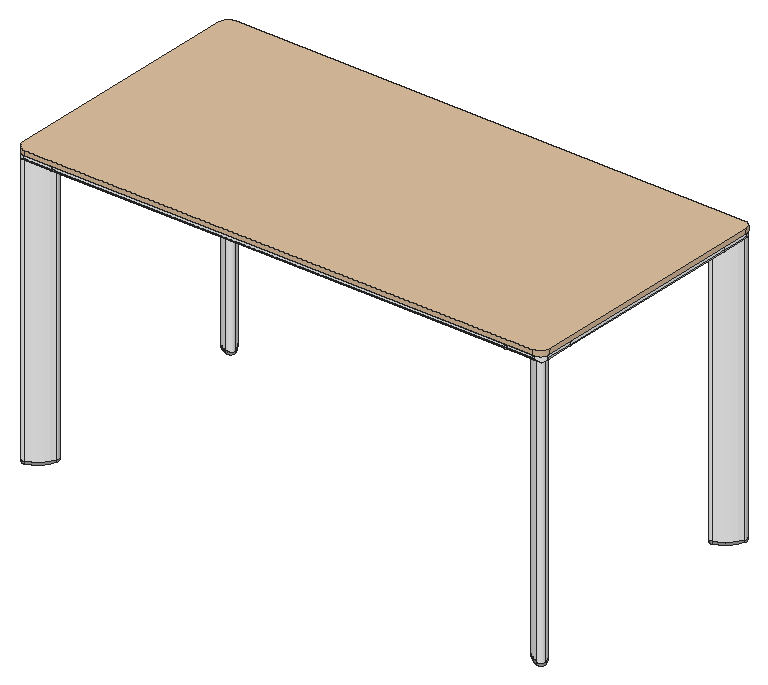
Revit family "FU_Table_Sandler_Laminar 0714", category Furniture, Revit 2020
Family settings
  OmniClass Number = 23.40.20.00
  OmniClass Title = General Furniture and Specialties
  Work Plane-Based = No
  Always vertical = Yes
  Cut with Voids When Loaded = No
  Shared = No
  Room Calculation Point = No
Parameters (values of type "Laminar 0714 (Dining Height)")
  Width = 1400 mm
  URL = "https://www.sandlerseating.com/product/laminar-0714/"
  Top [instance] = Wood - Oak - Natural - V
  Model = "Laminar 0714"
  Manufacturer = "Sandler"
  Height = 750 mm
  Frame [instance] = Lacquer - W1 - W01 White
  Description = "70cm x 140cm / 28″ x 55″ table on epoxy painted frame."
  Depth = 700 mm
  Default Elevation = 0 mm
Types (4, lengths in mm): name | Top | Height | Frame
  (no name) | Wood - Oak - Natural - V | 750 | Lacquer - W1 - W01 White
  Laminar 0714 (Dining Height) | Wood - Oak - Natural - V | 750 | Lacquer - W1 - W01 White
  Laminar 0714 (Counter Height) | Wood - Black Walnut | 900 | Epoxy - M2_V16
  Laminar 0714 (Bar Height) | HPL - Solid - White | 1050 | Epoxy - M1_B00 - Black
Reference planes
  plane 1 "Center (Front/Back)": y = 0
  plane 2: z = 0
  plane 3 "Center (Left/Right)": x = 0
  plane 4 "Right": x = -700
  plane 5 "Left": x = 700
  plane 6 "Back": y = 350
  plane 7 "Front": y = -350
  plane 8 "Height": z = 750
  plane 9 "Top Frame Base": z = 737
  plane 10 "Frame Edge Right TOP": x = -605
  plane 11 "Frame Edge Left TOP": x = 605
  plane 12 "Frame Edge Front TOP": y = -255
  plane 13 "Frame Edge Back TOP": y = 255
  plane 14 "Right Leg C TOP": x = -662.984
  plane 15 "Back Leg C TOP": y = 312.984
  plane 16 "Front Leg C TOP": y = -312.984
  plane 17 "Left C TOP": x = 662.984
  plane 18 "Glide Height": z = 6
  plane 19 "Frame Base FRONT": z = 696.108
Forms (mm)
  Extrusion 1, solid, material "Wood - Oak - Natural - V" <- "Top"
    sketch origin (0, 0, 750) x (-1, 0, 0) y (0, -1, 0)
      loop
        arc (675, -350) -> (692.678, -342.678) -> (700, -325) r 25
        line (700, -325) -> (700, 325)
        arc (700, 325) -> (692.678, 342.678) -> (675, 350) r 25
        line (675, 350) -> (-675, 350)
        arc (-675, 350) -> (-692.678, 342.678) -> (-700, 325) r 25
        line (-700, 325) -> (-700, -325)
        arc (-700, -325) -> (-692.678, -342.678) -> (-675, -350) r 25
        line (-675, -350) -> (675, -350)
    from 0 to -13
  Sweep 2, solid, material "Lacquer - W1 - W01 White" <- "Frame"
    path origin (0, 0, 737) x (-1, 0, 0) y (0, -1, 0)
      loop
        line (-605, 350) -> (605, 350)
    profile "Pro_Laminar_Frame : Pro_Laminar_Frame" origin (0, -350, 737) x (0, -1, 0) y (0, 0, 1)
      loop
        arc (-78.25, 0) -> (-78.959, -0.294) -> (-79.252, -1.003) r 1.003
        line (-79.252, -1.003) -> (-79.252, -40.038)
        arc (-79.252, -40.038) -> (-78.971, -40.718) -> (-78.29, -41) r 0.962
        line (-78.29, -41) -> (-56.47, -41)
        arc (-56.47, -41) -> (-49.536, -40.019) -> (-43.146, -37.154) r 25
        line (-43.146, -37.154) -> (-3.835, -12.393)
        arc (-3.835, -12.393) -> (-2.123, -10.579) -> (-1.5, -8.162) r 5
        line (-1.5, -8.162) -> (-1.5, -0.534)
        arc (-1.5, -0.534) -> (-1.656, -0.156) -> (-2.034, 0) r 0.534
        line (-2.034, 0) -> (-78.25, 0)
  Sweep 3, solid, material "Lacquer - W1 - W01 White" <- "Frame"
    path origin (0, 0, 737) x (-1, 0, 0) y (0, -1, 0)
      loop
        line (700, 255) -> (700, -255)
    profile "Pro_Laminar_Frame : Pro_Laminar_Frame" origin (-700, 0, 737) x (-1, 0, 0) y (0, 0, 1)
      loop
        arc (-78.25, 0) -> (-78.959, -0.294) -> (-79.252, -1.003) r 1.003
        line (-79.252, -1.003) -> (-79.252, -40.038)
        arc (-79.252, -40.038) -> (-78.971, -40.718) -> (-78.29, -41) r 0.962
        line (-78.29, -41) -> (-56.47, -41)
        arc (-56.47, -41) -> (-49.536, -40.019) -> (-43.146, -37.154) r 25
        line (-43.146, -37.154) -> (-3.835, -12.393)
        arc (-3.835, -12.393) -> (-2.123, -10.579) -> (-1.5, -8.162) r 5
        line (-1.5, -8.162) -> (-1.5, -0.534)
        arc (-1.5, -0.534) -> (-1.656, -0.156) -> (-2.034, 0) r 0.534
        line (-2.034, 0) -> (-78.25, 0)
  Sweep 4, solid, material "Lacquer - W1 - W01 White" <- "Frame"
    path origin (0, 0, 737) x (-1, 0, 0) y (0, -1, 0)
      loop
        line (605, -350) -> (-605, -350)
    profile "Pro_Laminar_Frame : Pro_Laminar_Frame" origin (0, 350, 737) x (0, 1, 0) y (0, 0, 1)
      loop
        arc (-78.25, 0) -> (-78.959, -0.294) -> (-79.252, -1.003) r 1.003
        line (-79.252, -1.003) -> (-79.252, -40.038)
        arc (-79.252, -40.038) -> (-78.971, -40.718) -> (-78.29, -41) r 0.962
        line (-78.29, -41) -> (-56.47, -41)
        arc (-56.47, -41) -> (-49.536, -40.019) -> (-43.146, -37.154) r 25
        line (-43.146, -37.154) -> (-3.835, -12.393)
        arc (-3.835, -12.393) -> (-2.123, -10.579) -> (-1.5, -8.162) r 5
        line (-1.5, -8.162) -> (-1.5, -0.534)
        arc (-1.5, -0.534) -> (-1.656, -0.156) -> (-2.034, 0) r 0.534
        line (-2.034, 0) -> (-78.25, 0)
  Sweep 5, solid, material "Lacquer - W1 - W01 White" <- "Frame"
    path origin (0, 0, 737) x (-1, 0, 0) y (0, -1, 0)
      loop
        line (-700, 255) -> (-700, -255)
    profile "Pro_Laminar_Frame : Pro_Laminar_Frame" origin (700, 0, 737) x (-1, 0, 0) y (0, 0, 1)
      loop
        line (78.25, 0) -> (2.034, 0)
        arc (2.034, 0) -> (1.656, -0.156) -> (1.5, -0.534) r 0.534
        line (1.5, -0.534) -> (1.5, -8.162)
        arc (1.5, -8.162) -> (2.123, -10.579) -> (3.835, -12.393) r 5
        line (3.835, -12.393) -> (43.146, -37.154)
        arc (43.146, -37.154) -> (49.536, -40.019) -> (56.47, -41) r 25
        line (56.47, -41) -> (78.29, -41)
        arc (78.29, -41) -> (78.971, -40.718) -> (79.252, -40.038) r 0.962
        line (79.252, -40.038) -> (79.252, -1.003)
        arc (79.252, -1.003) -> (78.959, -0.294) -> (78.25, 0) r 1.003
  Sweep 6, solid, material "Lacquer - W1 - W01 White" <- "Frame"
    path origin (0, 312.984, 0) x (1, 0, 0) y (0, 0, 1)
      loop
        line (-662.984, 6) -> (-662.984, 737)
    profile "Pro_Laminar_Leg : Pro_Laminar_Leg" origin (-662.984, 312.984, 371.5) x (-1, 0, 0) y (0, -1, 0)
      loop
        arc (-16.792, 30.86) -> (-28.302, 28.302) -> (-30.86, 16.792) r 10.982
        arc (-30.86, 16.792) -> (-12.33, -12.33) -> (16.792, -30.86) r 79.547
        arc (16.792, -30.86) -> (28.302, -28.302) -> (30.86, -16.792) r 10.982
        arc (30.86, -16.792) -> (12.33, 12.33) -> (-16.792, 30.86) r 79.547
  Sweep 7, solid, material "Lacquer - W1 - W01 White" <- "Frame"
    path origin (0, -312.984, 0) x (1, 0, 0) y (0, 0, 1)
      loop
        line (-662.984, 6) -> (-662.984, 737)
    profile "Pro_Laminar_Leg : Pro_Laminar_Leg" origin (-662.984, -312.984, 371.5) x (-1, 0, 0) y (0, -1, 0)
      loop
        arc (-30.86, -16.792) -> (-28.302, -28.302) -> (-16.792, -30.86) r 10.982
        arc (-16.792, -30.86) -> (12.33, -12.33) -> (30.86, 16.792) r 79.547
        arc (30.86, 16.792) -> (28.302, 28.302) -> (16.792, 30.86) r 10.982
        arc (16.792, 30.86) -> (-12.33, 12.33) -> (-30.86, -16.792) r 79.547
  Sweep 8, solid, material "Lacquer - W1 - W01 White" <- "Frame"
    path origin (0, -312.984, 0) x (1, 0, 0) y (0, 0, 1)
      loop
        line (662.984, 6) -> (662.984, 737)
    profile "Pro_Laminar_Leg : Pro_Laminar_Leg" origin (662.984, -312.984, 371.5) x (-1, 0, 0) y (0, -1, 0)
      loop
        arc (-16.792, 30.86) -> (-28.302, 28.302) -> (-30.86, 16.792) r 10.982
        arc (-30.86, 16.792) -> (-12.33, -12.33) -> (16.792, -30.86) r 79.547
        arc (16.792, -30.86) -> (28.302, -28.302) -> (30.86, -16.792) r 10.982
        arc (30.86, -16.792) -> (12.33, 12.33) -> (-16.792, 30.86) r 79.547
  Sweep 9, solid, material "Lacquer - W1 - W01 White" <- "Frame"
    path origin (0, 312.984, 0) x (1, 0, 0) y (0, 0, 1)
      loop
        line (662.984, 6) -> (662.984, 737)
    profile "Pro_Laminar_Leg : Pro_Laminar_Leg" origin (662.984, 312.984, 371.5) x (-1, 0, 0) y (0, -1, 0)
      loop
        arc (-30.86, -16.792) -> (-28.302, -28.302) -> (-16.792, -30.86) r 10.982
        arc (-16.792, -30.86) -> (12.33, -12.33) -> (30.86, 16.792) r 79.547
        arc (30.86, 16.792) -> (28.302, 28.302) -> (16.792, 30.86) r 10.982
        arc (16.792, 30.86) -> (-12.33, 12.33) -> (-30.86, -16.792) r 79.547
  Sweep 10, solid, material "Rubber, Black"
    path origin (0, 312.984, 0) x (1, 0, 0) y (0, 0, 1)
      loop
        line (662.984, 0) -> (662.984, 6)
    profile "Pro_Laminar_Leg : Pro_Laminar_Leg" origin (662.984, 312.984, 3) x (-1, 0, 0) y (0, -1, 0)
      loop
        arc (-30.86, -16.792) -> (-28.302, -28.302) -> (-16.792, -30.86) r 10.982
        arc (-16.792, -30.86) -> (12.33, -12.33) -> (30.86, 16.792) r 79.547
        arc (30.86, 16.792) -> (28.302, 28.302) -> (16.792, 30.86) r 10.982
        arc (16.792, 30.86) -> (-12.33, 12.33) -> (-30.86, -16.792) r 79.547
  Sweep 11, solid, material "Rubber, Black"
    path origin (0, 312.984, 0) x (1, 0, 0) y (0, 0, 1)
      loop
        line (-662.984, 0) -> (-662.984, 6)
    profile "Pro_Laminar_Leg : Pro_Laminar_Leg" origin (-662.984, 312.984, 3) x (-1, 0, 0) y (0, -1, 0)
      loop
        arc (-16.792, 30.86) -> (-28.302, 28.302) -> (-30.86, 16.792) r 10.982
        arc (-30.86, 16.792) -> (-12.33, -12.33) -> (16.792, -30.86) r 79.547
        arc (16.792, -30.86) -> (28.302, -28.302) -> (30.86, -16.792) r 10.982
        arc (30.86, -16.792) -> (12.33, 12.33) -> (-16.792, 30.86) r 79.547
  Sweep 12, solid, material "Rubber, Black"
    path origin (0, -312.984, 0) x (1, 0, 0) y (0, 0, 1)
      loop
        line (-662.984, 0) -> (-662.984, 6)
    profile "Pro_Laminar_Leg : Pro_Laminar_Leg" origin (-662.984, -312.984, 3) x (-1, 0, 0) y (0, -1, 0)
      loop
        arc (-30.86, -16.792) -> (-28.302, -28.302) -> (-16.792, -30.86) r 10.982
        arc (-16.792, -30.86) -> (12.33, -12.33) -> (30.86, 16.792) r 79.547
        arc (30.86, 16.792) -> (28.302, 28.302) -> (16.792, 30.86) r 10.982
        arc (16.792, 30.86) -> (-12.33, 12.33) -> (-30.86, -16.792) r 79.547
  Sweep 13, solid, material "Rubber, Black"
    path origin (0, -312.984, 0) x (1, 0, 0) y (0, 0, 1)
      loop
        line (662.984, 0) -> (662.984, 6)
    profile "Pro_Laminar_Leg : Pro_Laminar_Leg" origin (662.984, -312.984, 3) x (-1, 0, 0) y (0, -1, 0)
      loop
        arc (-16.792, 30.86) -> (-28.302, 28.302) -> (-30.86, 16.792) r 10.982
        arc (-30.86, 16.792) -> (-12.33, -12.33) -> (16.792, -30.86) r 79.547
        arc (16.792, -30.86) -> (28.302, -28.302) -> (30.86, -16.792) r 10.982
        arc (30.86, -16.792) -> (12.33, 12.33) -> (-16.792, 30.86) r 79.547
  Sweep 14, solid, material "Lacquer - W1 - W01 White" <- "Frame"
    path origin (0, 0, 737) x (-1, 0, 0) y (0, -1, 0)
      loop
        line (-605, 348.5) -> (-698.5, 348.5) -> (-698.5, 255)
    profile "Pro_Laminar_Frame : Pro_Laminar_Frame" origin (651.75, -348.5, 737) x (0, 1, 0) y (0, 0, 1)
      loop
        line (76.75, 0) -> (0.534, 0)
        arc (0.534, 0) -> (0.156, -0.156) -> (0, -0.534) r 0.534
        line (0, -0.534) -> (0, -8.162)
        arc (0, -8.162) -> (0.623, -10.579) -> (2.335, -12.393) r 5
        line (2.335, -12.393) -> (41.646, -37.154)
        arc (41.646, -37.154) -> (48.036, -40.019) -> (54.97, -41) r 25
        line (54.97, -41) -> (76.79, -41)
        arc (76.79, -41) -> (77.471, -40.718) -> (77.752, -40.038) r 0.962
        line (77.752, -40.038) -> (77.752, -1.003)
        arc (77.752, -1.003) -> (77.459, -0.294) -> (76.75, 0) r 1.003
  Extrusion 15, void
    sketch origin (0, 0, 737) x (-1, 0, 0) y (0, -1, 0)
      loop
        line (-674.12, 349.12) -> (-674.12, 364.12) -> (-714.12, 364.12) -> (-714.12, 324.12) -> (-699.12, 324.12)
        arc (-699.12, 324.12) -> (-691.798, 341.798) -> (-674.12, 349.12) r 25
    from -40.892 to 13
  Sweep 16, solid, material "Lacquer - W1 - W01 White" <- "Frame"
    path origin (0, 0, 737) x (1, 0, 0) y (0, -1, 0)
      loop
        line (-605, 348.5) -> (-698.5, 348.5) -> (-698.5, 255)
    profile "Pro_Laminar_Frame : Pro_Laminar_Frame" origin (-651.75, -348.5, 737) x (0, -1, 0) y (0, 0, 1)
      loop
        arc (-76.75, 0) -> (-77.459, -0.294) -> (-77.752, -1.003) r 1.003
        line (-77.752, -1.003) -> (-77.752, -40.038)
        arc (-77.752, -40.038) -> (-77.471, -40.718) -> (-76.79, -41) r 0.962
        line (-76.79, -41) -> (-54.97, -41)
        arc (-54.97, -41) -> (-48.036, -40.019) -> (-41.646, -37.154) r 25
        line (-41.646, -37.154) -> (-2.335, -12.393)
        arc (-2.335, -12.393) -> (-0.623, -10.579) -> (0, -8.162) r 5
        line (0, -8.162) -> (0, -0.534)
        arc (0, -0.534) -> (-0.156, -0.156) -> (-0.534, 0) r 0.534
        line (-0.534, 0) -> (-76.75, 0)
  Sweep 17, solid, material "Lacquer - W1 - W01 White" <- "Frame"
    path origin (0, 0, 737) x (1, 0, 0) y (0, 1, 0)
      loop
        line (-605, 348.5) -> (-698.5, 348.5) -> (-698.5, 255)
    profile "Pro_Laminar_Frame : Pro_Laminar_Frame" origin (-651.75, 348.5, 737) x (0, -1, 0) y (0, 0, 1)
      loop
        line (76.75, 0) -> (0.534, 0)
        arc (0.534, 0) -> (0.156, -0.156) -> (0, -0.534) r 0.534
        line (0, -0.534) -> (0, -8.162)
        arc (0, -8.162) -> (0.623, -10.579) -> (2.335, -12.393) r 5
        line (2.335, -12.393) -> (41.646, -37.154)
        arc (41.646, -37.154) -> (48.036, -40.019) -> (54.97, -41) r 25
        line (54.97, -41) -> (76.79, -41)
        arc (76.79, -41) -> (77.471, -40.718) -> (77.752, -40.038) r 0.962
        line (77.752, -40.038) -> (77.752, -1.003)
        arc (77.752, -1.003) -> (77.459, -0.294) -> (76.75, 0) r 1.003
  Sweep 18, solid, material "Lacquer - W1 - W01 White" <- "Frame"
    path origin (0, 0, 737) x (-1, 0, 0) y (0, 1, 0)
      loop
        line (-605, 348.5) -> (-698.5, 348.5) -> (-698.5, 255)
    profile "Pro_Laminar_Frame : Pro_Laminar_Frame" origin (651.75, 348.5, 737) x (0, 1, 0) y (0, 0, 1)
      loop
        arc (-76.75, 0) -> (-77.459, -0.294) -> (-77.752, -1.003) r 1.003
        line (-77.752, -1.003) -> (-77.752, -40.038)
        arc (-77.752, -40.038) -> (-77.471, -40.718) -> (-76.79, -41) r 0.962
        line (-76.79, -41) -> (-54.97, -41)
        arc (-54.97, -41) -> (-48.036, -40.019) -> (-41.646, -37.154) r 25
        line (-41.646, -37.154) -> (-2.335, -12.393)
        arc (-2.335, -12.393) -> (-0.623, -10.579) -> (0, -8.162) r 5
        line (0, -8.162) -> (0, -0.534)
        arc (0, -0.534) -> (-0.156, -0.156) -> (-0.534, 0) r 0.534
        line (-0.534, 0) -> (-76.75, 0)
  Extrusion 19, void
    sketch origin (0, 0, 737) x (1, 0, 0) y (0, 1, 0)
      loop
        arc (-674.12, -349.12) -> (-691.798, -341.798) -> (-699.12, -324.12) r 25
        line (-699.12, -324.12) -> (-714.12, -324.12) -> (-714.12, -364.12) -> (-674.12, -364.12) -> (-674.12, -349.12)
    from -40.892 to 13
  Extrusion 20, void
    sketch origin (0, 0, 737) x (1, 0, 0) y (0, 1, 0)
      loop
        line (-674.12, 349.12) -> (-674.12, 364.12) -> (-714.12, 364.12) -> (-714.12, 324.12) -> (-699.12, 324.12)
        arc (-699.12, 324.12) -> (-691.798, 341.798) -> (-674.12, 349.12) r 25
    from -40.892 to 13
  Extrusion 21, void
    sketch origin (0, 0, 737) x (-1, 0, 0) y (0, -1, 0)
      loop
        arc (-674.12, -349.12) -> (-691.798, -341.798) -> (-699.12, -324.12) r 25
        line (-699.12, -324.12) -> (-714.12, -324.12) -> (-714.12, -364.12) -> (-674.12, -364.12) -> (-674.12, -349.12)
    from -40.892 to 13
Cuts and joins
  Extrusion 20 cuts Sweep 17
  Extrusion 21 cuts Sweep 18
  Extrusion 15 cuts Sweep 14
  Extrusion 19 cuts Sweep 16
Dimensions and locks
  equal spacing: plane 4 "Right", plane 3 "Center (Left/Right)", plane 5 "Left"
  "Width": plane 4 "Right" to plane 5 "Left"
  equal spacing: plane 6 "Back", plane 1 "Center (Front/Back)", plane 7 "Front"
  "Depth": plane 6 "Back" to plane 7 "Front"
  "Height": plane 8 "Height" to level
  locked: plane 8 "Height" to plane 9 "Top Frame Base" at 13
  plane 4 "Right" to plane 14 "Right Leg C TOP" to plane 10 "Frame Edge Right TOP" = 37.016 mm locked, 57.984 mm locked
  plane 12 "Frame Edge Front TOP" to plane 16 "Front Leg C TOP" to plane 7 "Front" = 57.984 mm locked, 37.016 mm locked
  plane 6 "Back" to plane 15 "Back Leg C TOP" to plane 13 "Frame Edge Back TOP" = 37.016 mm locked, 57.984 mm locked
  plane 11 "Frame Edge Left TOP" to plane 17 "Left C TOP" to plane 5 "Left" = 57.984 mm locked, 37.016 mm locked
  locked: plane 18 "Glide Height" to plane 2 at 6
  aligned and locked: level to plane 2
  aligned and locked: plane 10 "Frame Edge Right TOP" to Sweep 2 sketch curve
  aligned and locked: plane 11 "Frame Edge Left TOP" to Sweep 2 sketch curve
  aligned and locked: plane 13 "Frame Edge Back TOP" to Sweep 3 sketch curve
  aligned and locked: plane 4 "Right" to Sweep 3 sketch curve
  aligned and locked: plane 10 "Frame Edge Right TOP" to Sweep 4 sketch curve
  aligned and locked: plane 11 "Frame Edge Left TOP" to Sweep 4 sketch curve
  aligned and locked: plane 13 "Frame Edge Back TOP" to Sweep 5 sketch curve
  aligned and locked: plane 12 "Frame Edge Front TOP" to Sweep 5 sketch curve
  aligned and locked: Extrusion 1 sketch curve to plane 4 "Right"
  aligned and locked: Extrusion 1 sketch curve to plane 6 "Back"
  aligned and locked: plane 7 "Front" to Extrusion 1 sketch curve
  aligned and locked: plane 5 "Left" to Extrusion 1 sketch curve
  aligned and locked: plane 9 "Top Frame Base" to Sweep 6 sketch curve
  aligned and locked: plane 18 "Glide Height" to Sweep 6 sketch curve
  aligned and locked: plane 9 "Top Frame Base" to Sweep 7 sketch curve
  aligned and locked: plane 18 "Glide Height" to Sweep 7 sketch curve
  aligned and locked: plane 9 "Top Frame Base" to Sweep 8 sketch curve
  aligned and locked: plane 18 "Glide Height" to Sweep 8 sketch curve
  aligned and locked: plane 9 "Top Frame Base" to Sweep 9 sketch curve
  aligned and locked: plane 18 "Glide Height" to Sweep 9 sketch curve
  aligned and locked: plane 18 "Glide Height" to Sweep 10 sketch curve
  aligned and locked: plane 2 to Sweep 10 sketch curve
  aligned and locked: plane 18 "Glide Height" to Sweep 11 sketch curve
  aligned and locked: plane 2 to Sweep 11 sketch curve
  aligned and locked: plane 2 to Sweep 12 sketch curve
  aligned and locked: plane 18 "Glide Height" to Sweep 12 sketch curve
  aligned and locked: plane 2 to Sweep 13 sketch curve
  aligned and locked: plane 18 "Glide Height" to Sweep 13 sketch curve
  aligned and locked: Extrusion 15 to plane 19 "Frame Base FRONT"
  aligned and locked: plane 8 "Height" to Extrusion 15
  aligned and locked: Sweep 18 to plane 11 "Frame Edge Left TOP"
  aligned and locked: Sweep 18 to plane 13 "Frame Edge Back TOP"
  aligned and locked: Sweep 14 to plane 12 "Frame Edge Front TOP"
  aligned and locked: Sweep 14 to plane 11 "Frame Edge Left TOP"
  aligned and locked: Sweep 16 to plane 10 "Frame Edge Right TOP"
  aligned and locked: Sweep 16 to plane 12 "Frame Edge Front TOP"
  aligned and locked: Sweep 17 to plane 13 "Frame Edge Back TOP"
  aligned and locked: Sweep 17 to plane 10 "Frame Edge Right TOP"
Automatic sketch dimensions
  Extrusion 1 sketch curve to plane 15 "Back Leg C TOP" = 12.016 mm
  Extrusion 1 sketch curve to plane 17 "Left C TOP" = 12.016 mm
  plane 14 "Right Leg C TOP" to Extrusion 1 sketch curve = 12.016 mm  (x2)
  Sweep 2 sketch curve to plane 7 "Front" = 0 mm
  plane 12 "Frame Edge Front TOP" to Sweep 3 sketch curve = 0 mm
  Sweep 4 sketch curve to plane 6 "Back" = 0 mm
  Sweep 5 sketch curve to plane 5 "Left" = 0 mm
  plane 14 "Right Leg C TOP" to Sweep 6 sketch curve = 0 mm
  plane 14 "Right Leg C TOP" to Sweep 7 sketch curve = 0 mm
  plane 17 "Left C TOP" to Sweep 8 sketch curve = 0 mm
  plane 17 "Left C TOP" to Sweep 9 sketch curve = 0 mm
  plane 17 "Left C TOP" to Sweep 10 sketch curve = 0 mm
  plane 14 "Right Leg C TOP" to Sweep 11 sketch curve = 0 mm
  plane 14 "Right Leg C TOP" to Sweep 12 sketch curve = 0 mm
  plane 17 "Left C TOP" to Sweep 13 sketch curve = 0 mm
  plane 12 "Frame Edge Front TOP" to Sweep 14 sketch curve = 0 mm
  Sweep 14 sketch curve to plane 11 "Frame Edge Left TOP" = 0 mm
  plane 5 "Left" to Sweep 14 sketch curve = 1.5 mm
  plane 7 "Front" to Sweep 14 sketch curve = 1.5 mm
  Extrusion 15 sketch curve to plane 5 "Left" = 14.12 mm
  plane 5 "Left" to Extrusion 15 sketch curve = 0.88 mm
  plane 7 "Front" to Extrusion 15 sketch curve = 0.88 mm
  Extrusion 15 sketch curve to plane 17 "Left C TOP" = 11.136 mm
  Extrusion 15 sketch curve to plane 7 "Front" = 14.12 mm
  plane 12 "Frame Edge Front TOP" to Sweep 16 sketch curve = 0 mm
  Sweep 16 sketch curve to plane 10 "Frame Edge Right TOP" = 0 mm
  plane 4 "Right" to Sweep 16 sketch curve = 1.5 mm
  Sweep 16 sketch curve to plane 7 "Front" = 1.5 mm
  Sweep 17 sketch curve to plane 13 "Frame Edge Back TOP" = 0 mm
  Sweep 17 sketch curve to plane 10 "Frame Edge Right TOP" = 0 mm
  Sweep 17 sketch curve to plane 4 "Right" = 1.5 mm
  Sweep 17 sketch curve to plane 6 "Back" = 1.5 mm
  Sweep 18 sketch curve to plane 13 "Frame Edge Back TOP" = 0 mm
  Sweep 18 sketch curve to plane 11 "Frame Edge Left TOP" = 0 mm
  Sweep 18 sketch curve to plane 5 "Left" = 1.5 mm
  plane 6 "Back" to Sweep 18 sketch curve = 1.5 mm
  Extrusion 19 sketch curve to plane 4 "Right" = 14.12 mm
  plane 4 "Right" to Extrusion 19 sketch curve = 0.88 mm
  Extrusion 19 sketch curve to plane 7 "Front" = 0.88 mm
  Extrusion 19 sketch curve to plane 14 "Right Leg C TOP" = 11.136 mm
  plane 7 "Front" to Extrusion 19 sketch curve = 14.12 mm
  plane 4 "Right" to Extrusion 20 sketch curve = 14.12 mm
  Extrusion 20 sketch curve to plane 4 "Right" = 0.88 mm
  Extrusion 20 sketch curve to plane 6 "Back" = 0.88 mm
  plane 14 "Right Leg C TOP" to Extrusion 20 sketch curve = 11.136 mm
  plane 6 "Back" to Extrusion 20 sketch curve = 14.12 mm
  plane 5 "Left" to Extrusion 21 sketch curve = 14.12 mm
  Extrusion 21 sketch curve to plane 5 "Left" = 0.88 mm
  plane 6 "Back" to Extrusion 21 sketch curve = 0.88 mm
  plane 17 "Left C TOP" to Extrusion 21 sketch curve = 11.136 mm
  Extrusion 21 sketch curve to plane 6 "Back" = 14.12 mm
